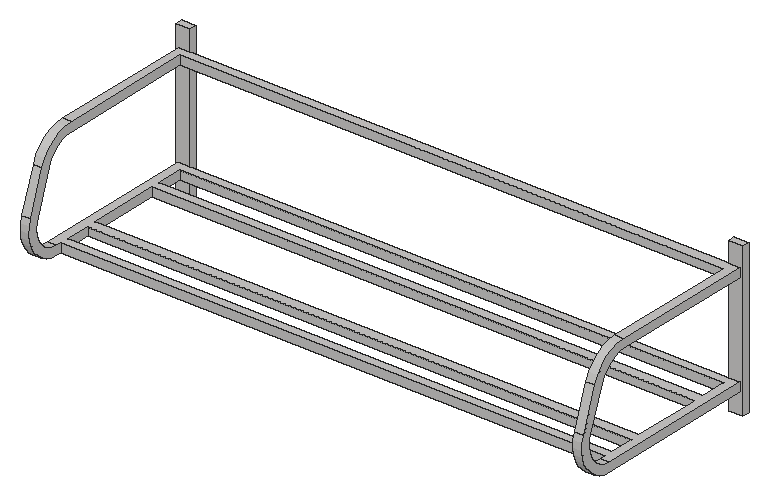
Revit family "QF_ELECTROLUXPROFESSIONAL_865421_BHWFMSS16", category Specialty Equipment, Revit 2018
Family settings
  Round Connector Dimension = Use Diameter
  Part Type = Normal
  Work Plane-Based = No
  Always vertical = Yes
  Cut with Voids When Loaded = No
  Shared = No
  Room Calculation Point = No
Parameters
  Weight = 0.00 kg
  Watts = 0 W
  Volts = 0 V
  URL Manufacturer = ""
  Steam Supply Size = 0 mm
  Steam Supply Minimum Pressure = 0.0 Pa
  Steam Supply Maximum Pressure = 0.0 Pa
  Steam Pounds per Hour = 0
  Refrigeration Suction Line Size = 0 mm
  Refrigeration Liquid Line Size = 0 mm
  Refrigerant Compressor Remote = yes
  Phase = 0
  Length Actual = 0 mm
  Item Number = ""
  Hot Water Size = 0 mm
  Height Actual = 0 mm
  HP = ""
  Gas Size = 0 mm
  Gas KW = 0
  Gas Input Pressure = 0 W
  Depth Actual = 0 mm
  Cycle = 0 Hz
  Condensate Return Size = 0 mm
  Compressed Air Volume = 0.0 L/s
  Compressed Air Size = 0 mm
  Compressed Air Pressure = 0.0 Pa
  Cold Water Size = 0 mm
  Accessory = yes
Reference planes
  plane 1: z = 0
  plane 2 "Center (Left/Right)": x = 0
  plane 3 "FRONT": y = -289
  plane 4 "LEFT": x = -800
  plane 5 "RIGHT": x = 800
  plane 6: z = 1071
  plane 7 "BACK": y = 289
  plane 8: z = 20
  plane 9: z = 1501
  plane 10: z = 1129
Forms (mm)
  Extrusion 1, solid, material "QF_Finishes_Stainless Steel"
    sketch origin (0, 0, 0) x (1, 0, 0) y (0, 0, 1)
      loop
        line (-800, 1501) -> (-800, 1071) -> (-760, 1071) -> (-760, 1501) -> (-800, 1501)
      loop
        line (800, 1501) -> (760, 1501) -> (760, 1071) -> (800, 1071) -> (800, 1501)
    from -289 to -269
  Sweep 2, solid, material "QF_Finishes_Stainless Steel"
    path origin (-780, 0, 0) x (0, 1, 0) y (0, 0, 1)
      loop
        line (269, 1444) -> (-139.647, 1444)
        arc (-139.647, 1444) -> (-202.741, 1424.107) -> (-243.013, 1371.622) r 110
        line (-243.013, 1371.622) -> (-283.239, 1261.103)
        arc (-283.239, 1261.103) -> (-271.042, 1170.924) -> (-190.274, 1129) r 98.763
        line (-190.274, 1129) -> (269, 1129)
    profile origin (-780, 64.676, 1444) x (0, 0, -1) y (1, 0, 0)
      loop
        line (0, 12.5) -> (0, -12.5) -> (25, -12.5) -> (25, 12.5) -> (0, 12.5)
  Extrusion 3, solid, material "QF_Finishes_Stainless Steel"
    sketch origin (0, 0, 0) x (1, 0, 0) y (0, 1, 0)
      loop
        line (-767.5, 269) -> (-767.5, 244) -> (767.5, 244) -> (767.5, 269) -> (-767.5, 269)
    from 1444 to 1419
  Extrusion 4, solid, material "QF_Finishes_Stainless Steel"
    sketch origin (0, 0, -290) x (1, 0, 0) y (0, 1, 0)
      loop
        line (-767.5, 269) -> (-767.5, 244) -> (767.5, 244) -> (767.5, 269) -> (-767.5, 269)
    from 1444 to 1419
  Extrusion 5, solid, material "QF_Finishes_Stainless Steel"
    sketch origin (0, -100, -290) x (1, 0, 0) y (0, 1, 0)
      loop
        line (-767.5, 269) -> (-767.5, 244) -> (767.5, 244) -> (767.5, 269) -> (-767.5, 269)
    from 1444 to 1419
  Extrusion 6, solid, material "QF_Finishes_Stainless Steel"
    sketch origin (0, -326, -290) x (1, 0, 0) y (0, 1, 0)
      loop
        line (-767.5, 269) -> (-767.5, 244) -> (767.5, 244) -> (767.5, 269) -> (-767.5, 269)
    from 1444 to 1419
  Extrusion 7, solid, material "QF_Finishes_Stainless Steel"
    sketch origin (0, -421, -290) x (1, 0, 0) y (0, 1, 0)
      loop
        line (-767.5, 269) -> (-767.5, 244) -> (767.5, 244) -> (767.5, 269) -> (-767.5, 269)
    from 1444 to 1419
  Sweep 8, solid, material "QF_Finishes_Stainless Steel"
    path origin (780, 0, 0) x (0, 1, 0) y (0, 0, -1)
      loop
        line (269, -1444) -> (-139.647, -1444)
        arc (-139.647, -1444) -> (-202.741, -1424.107) -> (-243.013, -1371.622) r 110
        line (-243.013, -1371.622) -> (-283.239, -1261.103)
        arc (-283.239, -1261.103) -> (-271.042, -1170.924) -> (-190.274, -1129) r 98.763
        line (-190.274, -1129) -> (269, -1129)
    profile origin (780, 64.676, 1444) x (0, 0, 1) y (-1, 0, 0)
      loop
        line (0, 12.5) -> (-25, 12.5) -> (-25, -12.5) -> (0, -12.5) -> (0, 12.5)
Cuts and joins
  joined: Extrusion 1, Sweep 2, Extrusion 3, Extrusion 4, Extrusion 5, Extrusion 6, Extrusion 7, Sweep 8
Lines and regions (mm)
  Masking region 1
    outline origin (0, 0, 0) x (1, 0, 0) y (0, 1, 0)
      loop
        line (-800, 289) -> (-800, 269) -> (-760, 269) -> (-760, 289) -> (-800, 289)
      loop
        line (760, 289) -> (760, 269) -> (800, 269) -> (800, 289) -> (760, 289)
  symbolic lines
    curve 1: line (-760, 269, 0) -> (-760, 289, 0)
    curve 2: line (-800, 289, 0) -> (-760, 289, 0)
    curve 3: line (-800, 289, 0) -> (-800, 269, 0)
    curve 4: line (-767.5, 244, 0) -> (767.5, 244, 0)
    curve 5: line (767.5, 244, 0) -> (767.5, -289, 0)
    curve 6: line (767.5, -289, 0) -> (792.5, -289, 0)
    curve 7: line (792.5, -289, 0) -> (792.5, 269, 0)
    curve 8: line (800, 289, 0) -> (760, 289, 0)
    curve 9: line (800, 269, 0) -> (-800, 269, 0)
    curve 10: line (-792.5, 269, 0) -> (-792.5, -289, 0)
    curve 11: line (-792.5, -289, 0) -> (-767.5, -289, 0)
    curve 12: line (-767.5, -289, 0) -> (-767.5, 244, 0)
    curve 13: line (-767.5, -177, 0) -> (767.5, -177, 0)
    curve 14: line (767.5, -152, 0) -> (-767.5, -152, 0)
    curve 15: line (-767.5, -82, 0) -> (767.5, -82, 0)
    curve 16: line (767.5, -57, 0) -> (-767.5, -57, 0)
    curve 17: line (-767.5, 144, 0) -> (767.5, 144, 0)
    curve 18: line (767.5, 169, 0) -> (-767.5, 169, 0)
    curve 19: line (760, 289, 0) -> (760, 269, 0)
    curve 20: line (-760, 289, 0) -> (-800, 289, 0)
    curve 21: line (800, 269, 0) -> (800, 289, 0)
Dimensions and locks
  equal spacing: plane 4 "LEFT", plane 2 "Center (Left/Right)", plane 5 "RIGHT"
  plane 7 "BACK" to plane 3 "FRONT" = 578 mm  (x2)
  plane 4 "LEFT" to plane 5 "RIGHT" = 1600 mm
  Extrusion 1 sketch curve to Extrusion 1 sketch curve to Extrusion 1 sketch curve = 1520 mm, 40 mm
  plane 9 to plane 6 = 430 mm
  aligned and locked: level to plane 1
  aligned and locked: Extrusion 1 sketch curve to plane 6
  aligned and locked: plane 7 "BACK" to Extrusion 1
Automatic sketch dimensions
  Extrusion 1 sketch curve to plane 4 "LEFT" = 0 mm
  Extrusion 1 sketch curve to plane 6 = 0 mm
  Extrusion 1 sketch curve to plane 9 = 0 mm  (x2)
  Sweep 2 sketch curve to plane 10 = 0 mm
  plane 3 "FRONT" to Sweep 2 sketch curve = 5.761 mm
  plane 3 "FRONT" to Sweep 2 sketch curve = 45.987 mm
  plane 3 "FRONT" to Sweep 2 sketch curve = 98.726 mm
  Sweep 2 sketch curve to Sweep 2 sketch curve = 103.366 mm
  Sweep 2 sketch curve to Sweep 2 sketch curve = 98.763 mm
  Sweep 2 sketch curve to Sweep 2 sketch curve = 110 mm
  Sweep 2 sketch curve to plane 7 "BACK" = 20 mm  (x2)
  Sweep 2 sketch curve to profile plane = 0 mm
  Sweep 2 sketch curve to profile plane = 25 mm
  Extrusion 3 sketch curve to plane 7 "BACK" = 45 mm
  Extrusion 3 sketch curve to plane 7 "BACK" = 20 mm
  Extrusion 4 sketch curve to plane 7 "BACK" = 45 mm
  Extrusion 4 sketch curve to plane 7 "BACK" = 20 mm
  Extrusion 5 sketch curve to Extrusion 5 sketch curve = 25 mm
  Extrusion 6 sketch curve to Extrusion 6 sketch curve = 25 mm
  plane 3 "FRONT" to Extrusion 7 sketch curve = 112 mm
  Extrusion 7 sketch curve to Extrusion 7 sketch curve = 25 mm
  Sweep 8 sketch curve to plane 10 = 0 mm
  plane 3 "FRONT" to Sweep 8 sketch curve = 5.761 mm
  plane 3 "FRONT" to Sweep 8 sketch curve = 45.987 mm
  plane 3 "FRONT" to Sweep 8 sketch curve = 98.726 mm
  Sweep 8 sketch curve to Sweep 8 sketch curve = 103.366 mm
  Sweep 8 sketch curve to Sweep 8 sketch curve = 110.519 mm
  Sweep 8 sketch curve to plane 7 "BACK" = 20 mm  (x2)
  Sweep 8 sketch curve to profile plane = 0 mm
  Sweep 8 sketch curve to Sweep 8 sketch curve = 25 mm
  Sweep 8 sketch curve to profile plane = 12.5 mm
  profile plane to Sweep 8 sketch curve = 12.5 mm
  Extrusion 5 sketch curve to plane 7 "BACK" = 145 mm
  plane 3 "FRONT" to Extrusion 6 sketch curve = 207 mm
  Sweep 2 sketch curve to profile plane = 12.5 mm
  profile plane to Sweep 2 sketch curve = 12.5 mm
  plane 4 "LEFT" to Extrusion 3 sketch curve = 32.5 mm
  plane 4 "LEFT" to Extrusion 4 sketch curve = 32.5 mm
  plane 4 "LEFT" to Extrusion 5 sketch curve = 32.5 mm
  plane 4 "LEFT" to Extrusion 6 sketch curve = 32.5 mm
  plane 4 "LEFT" to Extrusion 7 sketch curve = 32.5 mm
  Extrusion 1 sketch curve to plane 5 "RIGHT" = 0 mm
  Extrusion 3 sketch curve to plane 5 "RIGHT" = 32.5 mm
  Extrusion 4 sketch curve to plane 5 "RIGHT" = 32.5 mm
  Extrusion 5 sketch curve to plane 5 "RIGHT" = 32.5 mm
  Extrusion 6 sketch curve to plane 5 "RIGHT" = 32.5 mm
  Extrusion 7 sketch curve to plane 5 "RIGHT" = 32.5 mm
  Sweep 8 sketch curve to Sweep 8 sketch curve = 72.378 mm
  Sweep 2 sketch curve to Sweep 2 sketch curve = 106.237 mm
  Sweep 8 sketch curve to Sweep 8 sketch curve = 98.763 mm
  curve 3 to plane 4 "LEFT" = 0 mm
  curve 11 to plane 3 "FRONT" = 0 mm
  curve 1 to plane 7 "BACK" = 0 mm
  curve 8 to plane 7 "BACK" = 0 mm
  curve 6 to plane 3 "FRONT" = 0 mm
  curve 8 to plane 5 "RIGHT" = 0 mm
  plane 4 "LEFT" to curve 11 = 7.5 mm
  plane 4 "LEFT" to curve 4 = 32.5 mm
  curve 10 to curve 1 = 32.5 mm
  curve 5 to plane 5 "RIGHT" = 32.5 mm
  curve 7 to plane 5 "RIGHT" = 7.5 mm
  curve 4 to plane 7 "BACK" = 45 mm
  curve 3 to curve 2 = 20 mm
  curve 8 to curve 7 = 32.5 mm
  curve 11 to curve 13 = 112 mm
  curve 13 to curve 14 = 25 mm
  curve 14 to curve 15 = 70 mm
  curve 15 to curve 16 = 25 mm
  curve 17 to curve 4 = 100 mm
  curve 17 to curve 18 = 25 mm
  Masking region 1 sketch curve to plane 4 "LEFT" = 0 mm
  Masking region 1 sketch curve to plane 7 "BACK" = 0 mm  (x2)
  Masking region 1 sketch curve to plane 5 "RIGHT" = 0 mm
  plane 4 "LEFT" to Masking region 1 sketch curve = 40 mm
  Masking region 1 sketch curve to plane 5 "RIGHT" = 40 mm
  Masking region 1 sketch curve to plane 7 "BACK" = 20 mm
  Masking region 1 sketch curve to Masking region 1 sketch curve = 20 mm
